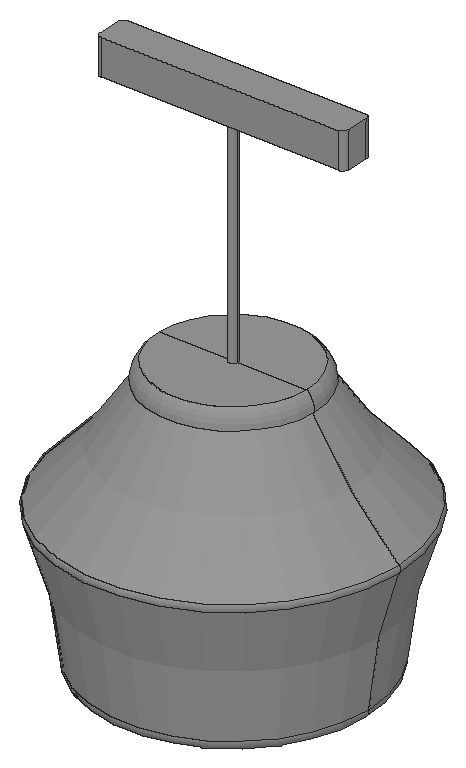
Revit family "63_UN_Pendant_GO-2M Track_Signify", category Lighting Fixtures, Revit 2019
Family settings
  Round Connector Dimension = Use Diameter
  Part Type = Normal
  OmniClass Number = 23.80.70.11
  OmniClass Title = Luminaries for Internal Lighting
  Work Plane-Based = No
  Always vertical = Yes
  Cut with Voids When Loaded = No
  Light Source = No
  Shared = No
  Room Calculation Point = Yes
Parameters (values of type "GO-1M")
  Wattage Comments = "10W"
  Voltage = 230 V
  URL = "https://www.signify.com/global/innovation/3d-printing"
  Type Comments = "GO-2M"
  Pendant_Material = UHMW, Black
  Pendant_Length [instance] = 200 mm
  Symbol_ToScale [instance] = yes
  Symbol_RealSize [instance] = not(Symbol_ToScale)  # no
  Switch Code [instance] = ""
  Model = "Pendant"
  Manufacturer = "Signify"
  Luminaire Code [instance] = ""
  Lamp = "LED"
  IfcExportType = "USERDEFINED"
  IfcExportAs = "IfcLightFixtureType"
  Housing_Material = Select RGB Value for different appearance
  Description = ""
  Content Creator® = "www.ivlibrary.com"
  Calc_Pendant_Length [instance] = if(Pendant_Length < 200 mm, 200 mm, if(Pendant_Length > 3000 mm, 3000 mm, Pendant_Length))  # 200 mm
  Assembly Code = "63.0"
  Apparent Load = 10 VA
Reference planes
  plane 1 "Center (Front/Back)": y = 0
  plane 2: z = 0
  plane 3 "Center (Left/Right)": x = 0
  plane 4: z = -200
  plane 5: z = -330
Forms (mm)
  Extrusion 1, solid, material "UHMW, Black" <- "Pendant_Material"
    sketch origin (0, 0, 0) x (1, 0, 0) y (0, 1, 0)
      loop
        circle (0, 0) r 3.848
    from -200 to 0
  Extrusion 2, solid, material "UHMW, Black" <- "Pendant_Material"
    sketch origin (0, 0, 0) x (1, 0, 0) y (0, 1, 0)
      loop
        arc (-106.872, 14.982) -> (-110.407, 13.518) -> (-111.872, 9.982) r 5
        line (-111.872, 9.982) -> (-111.872, -9.982)
        arc (-111.872, -9.982) -> (-110.407, -13.518) -> (-106.872, -14.982) r 5
        line (-106.872, -14.982) -> (106.872, -14.982)
        arc (106.872, -14.982) -> (110.407, -13.518) -> (111.872, -9.982) r 5
        line (111.872, -9.982) -> (111.872, 9.982)
        arc (111.872, 9.982) -> (110.407, 13.518) -> (106.872, 14.982) r 5
        line (106.872, 14.982) -> (-106.872, 14.982)
    from -2 to 30
Lines and regions (mm)
  symbolic lines, visible <- "Symbol_RealSize"
    curve 1: circle (0, 0, 0) r 150 normal (0, 0, 1)
    curve 2: line (-106.066, 106.066, 0) -> (0, 0, 0)
    curve 3: line (0, 0, 0) -> (-106.066, -106.066, 0)
    curve 4: line (106.066, 106.066, 0) -> (0, 0, 0)
    curve 5: line (0, 0, 0) -> (106.066, -106.066, 0)
Dimensions and locks
  "Calc_Pendant_Length": plane 2 to plane 4
  locked: plane 4 to plane 5 at 130
  Extrusion 2 sketch curve to Extrusion 2 sketch curve = 223.743 mm
  Extrusion 2 sketch curve to Extrusion 2 sketch curve = 29.965 mm
  aligned and locked: level to plane 2
  aligned and locked: plane 2 to Extrusion 1
  aligned and locked: plane 4 to Extrusion 1
  aligned and locked: nested 1 to plane 4
Automatic sketch dimensions
  plane 1 "Center (Front/Back)" to curve 2 = 0 mm
  curve 2 to plane 3 "Center (Left/Right)" = 0 mm
  plane 1 "Center (Front/Back)" to curve 1 = 0 mm
  curve 1 to plane 3 "Center (Left/Right)" = 0 mm
  curve 3 to plane 3 "Center (Left/Right)" = 106.066 mm
  curve 2 to plane 3 "Center (Left/Right)" = 106.066 mm
  plane 1 "Center (Front/Back)" to curve 5 = 106.066 mm
  plane 1 "Center (Front/Back)" to Extrusion 1 sketch curve = 0 mm
  Extrusion 1 sketch curve to plane 3 "Center (Left/Right)" = 0 mm
  plane 1 "Center (Front/Back)" to Extrusion 2 sketch curve = 9.982 mm
  Extrusion 2 sketch curve to plane 3 "Center (Left/Right)" = 111.872 mm
  Extrusion 2 sketch curve to Extrusion 2 sketch curve = 5 mm  (x4)
  radius of Extrusion 1 sketch curve = 3.848 mm
Nested families
  nested 1: "GO-2M" at (0, 0, -200), Housing_Material <- "Housing_Material", type "Geometry"
    with Housing_Material Select RGB Value for different appearance
  nested 2: "Ø300 Symbol_Signify" at (0, 0, 0), visible <- "Symbol_ToScale", type "Ø400 Symbol_Signify"
Connectors
  electrical at (0, 0, 0), driven by "Apparent Load", driven by "Voltage"
    settings: index 1, voltage 230 V, apparent load 0 VA, apparent load phase1 10 VA, apparent load phase2 0 VA, apparent load phase3 0 VA, power factor 1, load classification "Other", number of poles 1, system type 31, power factor state 1, is connector primary yes, connector utility no, sub classification motor no, connector description ""
Definition of nested family "GO-2M"
  Parameters (values of type "Geometry")
    URL = "Signify.com"
    Type Comments = ""
    Model = "Geometry"
    Manufacturer = "Signify"
    Lamp = "LED"
    Housing_Material [instance] = none
    Assembly Code = "63.xx"
    Apparent Load = 41 VA
  Reference planes
    plane 1 "Center (Front/Back)": y = 0
    plane 2: z = 0
    plane 3 "Center (Left/Right)": x = 0
    plane 4: z = 0
  Forms (mm)
    Revolve 1, solid, material <- "Housing_Material"
      sketch origin (0, 0, 20.589) x (1, 0, 0) y (0, 0, 1)
        loop
          arc (-70.705, -36.196) -> (-106.153, -87.965) -> (-149.081, -133.723) r 410.225
          arc (-149.081, -133.723) -> (-150.105, -136.817) -> (-149.602, -140.038) r 6.938
          arc (-149.602, -140.038) -> (-130.883, -198.595) -> (-122.038, -259.431) r 372.944
          arc (-122.038, -259.431) -> (-120.665, -264.864) -> (-116.161, -268.197) r 8.328
          arc (-116.161, -268.197) -> (-58.137, -290.768) -> (-4.263, -321.976) r 404.492
          arc (-4.263, -321.976) -> (-2.231, -323.016) -> (0, -323.501) r 8.856
          line (0, -323.501) -> (0, -322.497)
          arc (0, -322.497) -> (-1.934, -322.06) -> (-3.697, -321.152) r 7.856
          arc (-3.697, -321.152) -> (-57.703, -289.867) -> (-115.871, -267.24) r 405.492
          arc (-115.871, -267.24) -> (-119.856, -264.275) -> (-121.035, -259.45) r 7.328
          arc (-121.035, -259.45) -> (-129.9, -198.409) -> (-148.678, -139.656) r 373.944
          arc (-148.678, -139.656) -> (-149.113, -136.966) -> (-148.301, -134.364) r 5.938
          arc (-148.301, -134.364) -> (-105.148, -88.311) -> (-69.551, -36.196) r 411.225
          line (-69.551, -36.196) -> (-70.705, -36.196)
        axis (0, -36.196) -> (0, -323.501)
      angle from 0 to 360
    Revolve 2, solid
      sketch origin (0, 0, 0) x (1, 0, 0) y (0, 0, 1)
        loop
          line (0, -15.607) -> (0, 0) -> (-66.441, 0)
          arc (-66.441, 0) -> (-71.571, -7.066) -> (-73.39, -15.607) r 21.034
          line (-73.39, -15.607) -> (0, -15.607)
        axis (0, 0) -> (0, -15.607)
      angle from 0 to 360
  Lines and regions (mm)
    reference lines
      curve 1: line (-173.969, 0, 0) -> (173.969, 0, 0)
  Dimensions and locks
    aligned and locked: level to plane 2
Definition of nested family "Ø300 Symbol_Signify"
  Reference planes
    plane 1: y = 0
    plane 2: x = 0
  Lines and regions (mm)
    detail lines
      curve 1: circle (0, 0, 0) r 1.5 normal (0, 0, 1)
      curve 2: line (0, 0, 0) -> (-1.061, -1.061, 0)
      curve 3: line (-1.061, 1.061, 0) -> (0, 0, 0)
      curve 4: line (0, 0, 0) -> (1.061, -1.061, 0)
      curve 5: line (1.061, 1.061, 0) -> (0, 0, 0)
